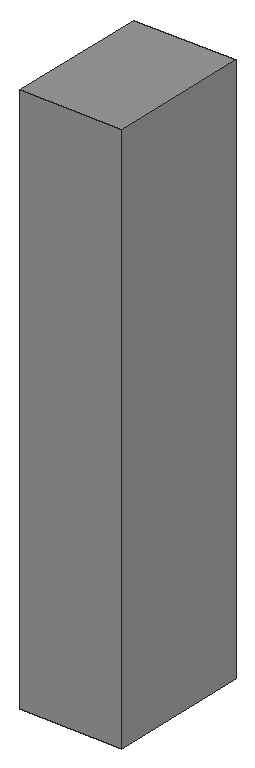
Revit family "PRE080020-FR", category Appareils sanitaires, Revit 2017
Family settings
  Cote de connecteur circulaire = Utiliser le diamètre
  Type d'élément = Normal
  Basée sur le plan de construction = Non
  Toujours verticalement = Oui
  Couper avec des vides une fois chargée = Non
  Partagée = Non
  Point de calcul de pièce = Non
Parameters (values of type "70816 PRESTO CHEF Colonne deux trous murale avec douchette")
  Variantes = "70816"
  Product data url = "https://www.bimobject.com/presto/product/pre080020"
  Product Guid = "1dfa659d-9cd9-4df8-a481-624538e5da2a"
  LC = 15 mm
  Garantie = ""
  URL Fabricant = "http://www.prestodatashare.com/centretelechargement/index.php?lang=FR&refs=70816"
  URL = "http://www.prestodatashare.com/centretelechargement/index.php?lang=FR&refs=70816"
  Lien notice d'utilisation = "http://www.prestodatashare.com/centretelechargement/index.php?lang=FR&refs=70816"
  Lien fiche produit = "http://www.prestodatashare.com/espacedoc/Fiches_Techniques/FR/70816.pdf"
  Reference = "70816"
  Pression = ""
  Polantis code = "PRE080020"
  Perte de charge = 0.0 Pa
  Profondeur = 300 mm
  Modèle = "70816 PRESTO CHEF Colonne deux trous murale avec douchette"
  Matériau = Laiton poli chromé
  Lien CCTP = "http://www.prestodatashare.com/centretelechargement/index.php?lang=FR&refs=70816"
  Largeur = 215 mm
  PC = 230 mm
  Hauteur = 1170 mm
  Fonction = "Mélangeur à tête céramique 1/4 de tour\nDouchette noire M1/2'' avec surface de préhension limitant les risques de brûlure. Débit régulé à 12L/min. Jet réglable par l'utilisateur : concentré ou mouillage. Embout\nde douchette anti-tartre. Crochet de blocage pour écoulement continu. Clapet anti-retour NF intégré.\nRessort de guidage pour flexible en inox\nSupport mural réglable, recoupable de 60 à 200 mm (de la colonne au mur)\nSupport de douchette ajustable : à gauche ou à droite\n\nPression d'utilisation recommandée : 1 à 5 bars\n\nDébit : 12L/min à 3 bar\n\nAlimentation hydraulique :  Entrée du robinet mâle G1/2''\n\nMatière et couleur de finition :\nCorps et colonne en laiton chromé\nMatière conforme avec la liste \"UBA\"\n\nRésistance thermique : Résiste à une température de 75° C durant 30 minutes (dans le cadre de chocs thermiques).\n\nLivré avec :\nColonnettes avec écrou et filtres\n1 flexible (de douchette) tressé inox entouré d'une gaine PVC, résistant à des températures allant jusqu'à 90°C. Température d'utilisation en service à 70°C maximum\nen continu"
  Flux = 0.0316667 L/s
  Finition = "Corps en laiton chromé conforme aux normes NF EN1982/ NF EN 12164 / NF EN 12165\nTraitement de surface Nickel-Chrome selon NF EN12540\nRésistance au brouillard salin neutre (NSS) : 200 h selon NF ISO 9234"
  Fabricant = "LES ROBINETS PRESTO S.A."
  Edition number = 0
  Diamètre Nominal = 15 mm
  Description = "Produit résistant à un usage intensif\nSouplesse du ressort\nDouchette ergonomique avec fonction écoulement continu, et surface de préhension limitant les risques des brûlure. Embout permettant d'absorber les chocs. Crochet\nde blocage pour éviter les TMS (trouble musculo squelettiques)\nInterface corps/colonne renforcé\nVolants intuitifs et ergonomiques : facilité de préhension\nSupport mural réglable\nFlexible de douchette gaine PVC pour éviter les niches bactériennes et faciliter le nettoyage\nMaintenance aisée : présence d'une fente sous la pastille rouge/bleue permettant le passage d'un tournevis\nFacilité de maintenance : disponibilité de toutes les pièces d'usure"
  Debit = "1,9l/min avec limiteur de débit intégré\r (sprayer)\r\n Dispositif anti-coup de bélier\r\r\n Brise-jet : anti-vandalisme et anti-bouchage"
  Raccordement = "2xG1/2 entraxe 150 dessous milieu"
  Adresse = "7, RUE RACINE - 92542 MONTROUGE CEDEX FRANCE"
Reference planes
  plane 1 "Centre (avant/arrière)": y = 0
  plane 2: z = 0
  plane 3 "Centre (gauche/droite)": x = 0
  plane 4: y = -300
  plane 5: x = 215
  plane 6: z = 1170
  plane 7: x = 107.5
  plane 8: z = 1
  plane 9: y = -230
  plane 10: x = 15
  plane 11: x = 200
Forms (mm)
  Extrusion 1, solid, material "Laiton poli chromé" <- "Matériau", detail levels fine
    sketch origin (0, 0, 0) x (1, 0, 0) y (0, 1, 0)
      loop
        line (0, 0) -> (0, -300) -> (215, -300) -> (215, 0) -> (0, 0)
    from 0 to 1170
  Extrusion 2, solid, material "Laiton poli chromé" <- "Matériau", detail levels fine
    sketch origin (0, 0, 0) x (1, 0, 0) y (0, 1, 0)
      loop
        circle (15, -230) r 5
    from 0 to 1
  Extrusion 3, solid, material "Laiton poli chromé" <- "Matériau", detail levels fine
    sketch origin (0, 0, 0) x (1, 0, 0) y (0, 1, 0)
      loop
        circle (200, -230) r 5
    from 0 to 1
Cuts and joins
  joined: Extrusion 1, Extrusion 2, Extrusion 3
Dimensions and locks
  "Profondeur": plane 1 "Centre (avant/arrière)" to plane 4
  "Largeur": plane 3 "Centre (gauche/droite)" to plane 5
  "Hauteur": plane 6 to level
  equal spacing: plane 3 "Centre (gauche/droite)", plane 7, plane 5
  locked: plane 8 to plane 2 at 1
  "PC": plane 1 "Centre (avant/arrière)" to plane 9
  "LC": plane 3 "Centre (gauche/droite)" to plane 10
  "LC": plane 11 to plane 5
  aligned and locked: level to plane 2
  aligned and locked: plane 1 "Centre (avant/arrière)" to Extrusion 1 sketch curve
  aligned and locked: plane 3 "Centre (gauche/droite)" to Extrusion 1 sketch curve
  aligned and locked: plane 4 to Extrusion 1 sketch curve
  aligned and locked: plane 5 to Extrusion 1 sketch curve
  aligned and locked: plane 6 to Extrusion 1
  aligned and locked: plane 8 to Extrusion 2
  aligned and locked: plane 8 to Extrusion 3
  aligned and locked: nested 1 to plane 9
  aligned and locked: plane 7 to nested 1
  aligned and locked: plane 6 to nested 2
  aligned and locked: plane 7 to nested 2
  aligned and locked: nested 2 to plane 4
Automatic sketch dimensions
  Extrusion 2 sketch curve to plane 9 = 0 mm
  Extrusion 2 sketch curve to plane 10 = 0 mm
  Extrusion 3 sketch curve to plane 9 = 0 mm
  Extrusion 3 sketch curve to plane 11 = 0 mm
  radius of Extrusion 2 sketch curve = 5 mm
  radius of Extrusion 3 sketch curve = 5 mm
Nested families
  nested 1: "SymboliqueA6" at (0, -230, 0) x (0, 1, 0) z (0, 0, 1), type "SymboliqueA6", detail levels coarse+medium
  nested 2: "S2DA6" at (215, -150, 0) x (0, 1, 0) z (0, 0, 1), type "S2DA6", detail levels coarse+medium
Connectors
  piping at (15, -230, 0), diameter 15, driven by "Diamètre Nominal", driven by "Flux", driven by "Perte de charge"
    settings: on Extrusion 2, index 3, connector inside diameter 609.6 mm, connector length 0 mm, flow factor 0, pipe flow 0.0316667 L/s, pressure drop 0.0 Pa, fitting loss kfactor 0, connector angle 0.00°, fixture units 0, engagement length 0 mm, angle of deflection 0.00°, flow configuration 0, flow direction 1, fitting loss method 4, system type 19, joint type 0, gender type 0, connector reference index -1, connector utility 0, adjustable connector no, is connector primary yes, connector description ""
  piping at (200, -230, 0), diameter 15, driven by "Flux", driven by "Perte de charge", driven by "Diamètre Nominal"
    settings: on Extrusion 3, index 4, connector inside diameter 609.6 mm, connector length 0 mm, flow factor 0, pipe flow 0.0316667 L/s, pressure drop 0.0 Pa, fitting loss kfactor 0, connector angle 0.00°, fixture units 0, engagement length 0 mm, angle of deflection 0.00°, flow configuration 0, flow direction 1, fitting loss method 4, system type 20, joint type 0, gender type 0, connector reference index -1, connector utility 0, adjustable connector no, is connector primary no, connector description ""
Definition of nested family "SymboliqueA6"
  Parameters (values of type "SymboliqueA6")
    V = yes
    P = 1000 mm
    L = 1000 mm
    H = 1000 mm
  Reference planes
    plane 1 "Centre (avant/arrière)": y = 0
    plane 2: z = 0
    plane 3 "Centre (gauche/droite)": x = 0
    plane 4: y = -1000
    plane 5: x = -500
    plane 6: x = 500
    plane 7: z = 1000
    plane 8: z = 500
    plane 9: y = -500
  Lines and regions (mm)
    model lines
      curve 1: line (0, -1000, 1000) -> (0, 0, 0)
      curve 2: line (0, 0, 0) -> (0, -1000, 0)
      curve 3: line (0, -1000, 0) -> (0, 0, 1000)
      curve 4: line (0, 0, 1000) -> (0, -1000, 1000)
  Dimensions and locks
    "H": plane 7 to plane 2
    equal spacing: plane 5, plane 3 "Centre (gauche/droite)", plane 6
    "L": plane 5 to plane 6
    equal spacing: plane 7, plane 8, level
    equal spacing: plane 4, plane 9, plane 1 "Centre (avant/arrière)"
    "P": plane 1 "Centre (avant/arrière)" to plane 4
    aligned and locked: level to plane 2
  Automatic sketch dimensions
    curve 3 to level = 0 mm
    curve 1 to plane 1 "Centre (avant/arrière)" = 0 mm
    curve 1 to plane 7 = 0 mm
    curve 3 to plane 4 = 0 mm
    curve 3 to plane 1 "Centre (avant/arrière)" = 0 mm
    curve 4 to plane 4 = 0 mm
Definition of nested family "S2DA6"
  Parameters (values of type "S2DA6")
    P = 788.322 mm
    L = 1600 mm
    H = 1250.021 mm
  Reference planes
    plane 1 "Centre (avant/arrière)": y = 0
    plane 2: z = 0
    plane 3 "Centre (gauche/droite)": x = 0
    plane 4: y = 788.322
    plane 5: x = -800
    plane 6: x = 800
    plane 7: y = 394.161
    plane 8: z = 1250.021
    plane 9: z = 625.01
  Lines and regions (mm)
    symbolic lines
      curve 1: line (-800, 788.322, 0) -> (800, 0, 0)
      curve 2: line (800, 0, 0) -> (800, 788.322, 0)
      curve 3: line (800, 788.322, 0) -> (-800, 0, 0)
      curve 4: line (-800, 0, 0) -> (-800, 788.322, 0)
      curve 5: line (800, 0, 1250.021) -> (-800, 0, 1250.021)
      curve 6: line (-800, 0, 1250.021) -> (800, 0, 0)
      curve 7: line (800, 0, 0) -> (-800, 0, 0)
      curve 8: line (800, 0, 1250.021) -> (-800, 0, 0)
      curve 9: line (0, 788.322, 0) -> (0, 0, 1250.021)
      curve 10: line (0, 0, 1250.021) -> (0, 788.322, 1250.021)
      curve 11: line (0, 788.322, 1250.021) -> (0, 0, 0)
      curve 12: line (0, 0, 0) -> (0, 788.322, 0)
  Dimensions and locks
    equal spacing: plane 5, plane 3 "Centre (gauche/droite)", plane 6
    equal spacing: plane 1 "Centre (avant/arrière)", plane 7, plane 4
    "P": plane 1 "Centre (avant/arrière)" to plane 4
    "L": plane 5 to plane 6
    equal spacing: plane 8, plane 9, level
    "H": plane 8 to plane 2
    aligned and locked: level to plane 2
  Automatic sketch dimensions
    plane 1 "Centre (avant/arrière)" to curve 3 = 0 mm
    curve 1 to plane 4 = 0 mm
    curve 3 to plane 4 = 0 mm
    plane 1 "Centre (avant/arrière)" to curve 2 = 0 mm
    curve 3 to plane 6 = 0 mm
    curve 4 to plane 5 = 0 mm
    curve 10 to plane 1 "Centre (avant/arrière)" = 0 mm
    curve 10 to plane 8 = 0 mm
    curve 11 to plane 4 = 0 mm
    curve 12 to level = 0 mm
    curve 12 to plane 1 "Centre (avant/arrière)" = 0 mm
    curve 12 to plane 4 = 0 mm
    plane 5 to curve 5 = 0 mm
    curve 8 to level = 0 mm
    plane 5 to curve 8 = 0 mm
    plane 6 to curve 7 = 0 mm
    plane 6 to curve 8 = 0 mm
    curve 6 to plane 8 = 0 mm
